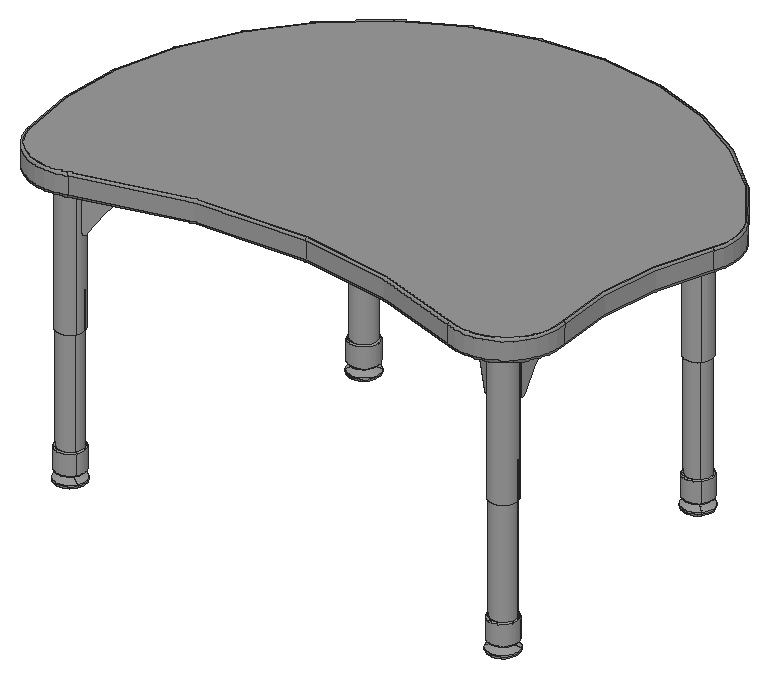
Revit family "Hierarchy Sail Desk - Youth Height", category Furniture, Revit 2018
Family settings
  Work Plane-Based = No
  Always vertical = Yes
  Cut with Voids When Loaded = No
  Shared = No
  Room Calculation Point = No
Parameters
  Desk Height = 1' - 4"
  Surface = Hierarchy Sail Desk Youth Surface
  Leg Finish = Hierarchy Leg Platinum
  Edgeband = Hierarchy Sail Desk Youth Edgeband
  Caster/Glide = Hierarchy Youth Leg - Glide : Hierarchy Youth Leg - Glide
Reference planes (in)
  plane 1 "Center (Front/Back)": y = 0
  plane 2: z = 0
  plane 3 "Center (Left/Right)": x = 0
  plane 4 "Table Height": z = 16
Dimensions and locks (in)
  "Desk Height": plane 4 "Table Height" to level
  aligned and locked: plane 2 to level
  aligned and locked: nested 1 to plane 4 "Table Height"
Nested families (in)
  nested 1: "Sail Tabletop" at (0, 0, -10.78998), type "Sail Tabletop"
  nested 2: "Hierarchy Youth Leg - Glide" at (-9.81865, 6.47407, 0) x (0.766, 0.6428, 0) z (0, 0, 1), type <- "Caster/Glide", Leg Finish <- "Leg Finish", Leg Height <- "Desk Height", type "Hierarchy Youth Leg - Glide"
    with Leg Height 1' - 4", Leg Finish Hierarchy Leg Platinum
  nested 3: "Hierarchy Youth Leg - Glide" at (-13.96759, -9.46098, 0) x (-0.8853, 0.4649, 0) z (0, 0, 1), type <- "Caster/Glide", Leg Finish <- "Leg Finish", Leg Height <- "Desk Height", type "Hierarchy Youth Leg - Glide"
    with Leg Height 1' - 4", Leg Finish Hierarchy Leg Platinum
  nested 4: "Hierarchy Youth Leg - Glide" at (10.96749, -9.49081, 0) x (-0.8761, -0.4821, 0) z (0, 0, 1), Leg Finish <- "Leg Finish", Leg Height <- "Desk Height", type "Hierarchy Youth Leg - Glide"
    with Leg Height 1' - 4", Leg Finish Hierarchy Leg Platinum
  nested 5: "Hierarchy Youth Leg - Glide" at (9.6294, 6.20876, 0) x (0.766, -0.6428, 0) z (0, 0, 1), Leg Finish <- "Leg Finish", Leg Height <- "Desk Height", type "Hierarchy Youth Leg - Glide"
    with Leg Height 1' - 4", Leg Finish Hierarchy Leg Platinum
Definition of nested family "Sail Tabletop"
  Parameters (values of type "Sail Tabletop")
    Surface = none
    Edgeband = none
  Reference planes (in)
    plane 1 "Center (Front/Back)": y = 0
    plane 2: z = 0
    plane 3 "Center (Left/Right)": x = 0
  Forms (in)
    Extrusion 1, solid, material <- "Surface"
      sketch origin (-2.11598, 6.87, 0) x (1, 0, 0) y (0, 1, 0)
        loop
          arc (16.29679, -2.95523) -> (-4.66789, 3.3463) -> (-14.22095, -16.35055) r 16.87857
          arc (-14.22095, -16.35055) -> (-12.73925, -18.19375) -> (-10.37732, -18.3126) r 2.88882
          arc (-10.37732, -18.3126) -> (-4.41048, -16.66524) -> (1.76642, -16.26157) r 30.37867
          arc (1.76642, -16.26157) -> (6.78411, -16.86997) -> (11.62983, -18.30748) r 30.17111
          arc (11.62983, -18.30748) -> (14.50724, -17.85169) -> (15.5199, -15.12007) r 2.88463
          arc (15.5199, -15.12007) -> (15.35803, -10.29618) -> (16.54292, -5.61728) r 17.19841
          arc (16.54292, -5.61728) -> (16.74629, -4.25608) -> (16.29679, -2.95523) r 2.88908
      from 26.78998 to 28.03998
    Sweep 2, solid, material <- "Edgeband"
      path origin (-2.11598, 6.87, 0) x (1, 0, 0) y (0, 1, 0)
        loop
          arc (15.5199, -15.12007) -> (15.35803, -10.29618) -> (16.54292, -5.61728) r 17.19841
          arc (16.54292, -5.61728) -> (16.74629, -4.25608) -> (16.29679, -2.95523) r 2.88908
          arc (16.29679, -2.95523) -> (-4.66789, 3.3463) -> (-14.22095, -16.35055) r 16.87857
          arc (-14.22095, -16.35055) -> (-12.73925, -18.19375) -> (-10.37732, -18.3126) r 2.88882
          arc (-10.37732, -18.3126) -> (-4.41048, -16.66524) -> (1.76642, -16.26157) r 30.37867
          arc (1.76642, -16.26157) -> (6.78411, -16.86997) -> (11.62983, -18.30748) r 30.17111
          arc (11.62983, -18.30748) -> (14.50724, -17.85169) -> (15.5199, -15.12007) r 2.88463
      profile origin (13.24205, -3.42619, 0) x (-0.994255, 0.107036, 0) y (0, 0, 1)
        loop
          arc (0, 28.03998) -> (-0.09391, 28.00108) -> (-0.13281, 27.90716) r 0.13281
          line (-0.13281, 27.90716) -> (-0.13281, 26.92279)
          arc (-0.13281, 26.92279) -> (-0.09391, 26.82888) -> (0, 26.78998) r 0.13281
          line (0, 26.78998) -> (0, 28.03998)
  Dimensions and locks (in)
    aligned and locked: plane 2 to level
Definition of nested family "Hierarchy Youth Leg - Glide"
  Parameters (values of type "Hierarchy Youth Leg - Glide")
    Leg Finish [instance] = none
    Leg Height [instance] = 1' - 4.80117"
  Reference planes (in)
    plane 1 "Center (Front/Back)": y = 0
    plane 2: z = 0
    plane 3 "Center (Left/Right)": x = 0
  Forms (in)
    Extrusion 1, solid
      sketch origin (-0.01562, 0, 0) x (1, 0, 0) y (0, 1, 0)
        loop
          circle (0.01563, 0) r 0.67016
      from 0.67618 to 10.55018
    Revolve 2, solid
      sketch origin (0, 0, 0) x (1, 0, 0) y (0, 0, 1)
        loop
          line (-0.73189, 1.80118) -> (-0.79439, 1.73867) -> (-0.79439, 0.61381) -> (-0.73176, 0.55118) -> (-0.125, 0.55118) -> (-0.125, 0.42618) -> (-0.84656, 0.16241) -> (-0.84656, 0.08994) -> (-0.81359, 0) -> (0, 0) -> (0, 1.80118) -> (-0.73189, 1.80118)
        axis (0, 1.80118) -> (0, 0)
      angle from 0 to 360
  Dimensions and locks (in)
    "Leg Height": nested 1 to level  (x2)
    aligned and locked: plane 2 to level
  Automatic sketch dimensions
    plane 1 "Center (Front/Back)" to Extrusion 1 sketch curve = 0' - 0"
    Extrusion 1 sketch curve to plane 3 "Center (Left/Right)" = 0' - 0"
    Revolve 2 sketch curve to level = 0' - 0"
    Revolve 2 sketch curve to plane 3 "Center (Left/Right)" = 0' - 0"  (x2)
    Revolve 2 sketch curve to plane 3 "Center (Left/Right)" = 0' - 0 1/8"
    Revolve 2 sketch curve to Revolve 2 sketch curve = 0' - 0.60676"
    Revolve 2 sketch curve to Revolve 2 sketch curve = 0' - 0.73189"
    Revolve 2 sketch curve to Revolve 2 sketch curve = 0' - 0.06263"  (x2)
    Revolve 2 sketch curve to Revolve 2 sketch curve = 0' - 0.08183"
    Revolve 2 sketch curve to Revolve 2 sketch curve = 0' - 0.03297"
    level to Revolve 2 sketch curve = 0' - 0.08994"
    Revolve 2 sketch curve to Revolve 2 sketch curve = 0' - 0.07247"
    level to Revolve 2 sketch curve = 0' - 0.42618"
    Revolve 2 sketch curve to Revolve 2 sketch curve = 0' - 0 1/8"
    Revolve 2 sketch curve to Revolve 2 sketch curve = 0' - 1.12486"
    Revolve 2 sketch curve to Revolve 2 sketch curve = 0' - 0 1/16"
    Revolve 2 sketch curve to level = 2' - 0"
    Revolve 2 sketch curve to Revolve 2 sketch curve = 8' - 4.91764"
    radius of Extrusion 1 sketch curve = 0' - 0.67016"
  Nested families (in)
    nested 1: "Hierarchy Youth Upper Leg 2023" at (0, 0, 0), Leg Finish <- "Leg Finish", type "Hierarchy Youth Upper Leg 2023"
      with Leg Finish none
  Definition of nested family "Hierarchy Youth Upper Leg 2023"
    Parameters (values of type "Hierarchy Youth Upper Leg 2023")
      Leg Finish [instance] = none
    Reference planes (in)
      plane 1 "Center (Front/Back)": y = 0
      plane 2: z = 0
      plane 3 "Center (Left/Right)": x = 0
    Forms (in)
      Extrusion 1, solid, material <- "Leg Finish"
        sketch origin (0, 0, -11.001) x (1, 0, 0) y (0, 1, 0)
          loop
            circle (0, 0) r 0.75
        from 19.67618 to 27.67618
      Extrusion 2, solid, material <- "Leg Finish"
        sketch origin (0, 0, -11.001) x (1, 0, 0) y (0, 1, 0)
          loop
            line (-1.70174, 0.19183) -> (-2.88626, -2.26116)
            arc (-2.88626, -2.26116) -> (-2.83993, -3.09822) -> (-2.1063, -3.50394) r 0.86614
            line (-2.1063, -3.50394) -> (2.1063, -3.50394)
            arc (2.1063, -3.50394) -> (2.83993, -3.09822) -> (2.88626, -2.26116) r 0.86614
            line (2.88626, -2.26116) -> (1.70174, 0.19183)
            arc (1.70174, 0.19183) -> (0, 1.25984) -> (-1.70174, 0.19183) r 1.88976
        from 27.67618 to 27.80217
      Extrusion 3, solid, material <- "Leg Finish"
        sketch origin (-1.48519, 8.66524, -11.001) x (-0.434844, 0.900506, 0) y (0, 0, 1)
          loop
            line (-9.01425, 27.67618) -> (-11.80952, 27.67618)
            arc (-11.80952, 27.67618) -> (-11.92325, 27.58993) -> (-11.87088, 27.45715) r 0.11811
            arc (-11.87088, 27.45715) -> (-10.39364, 26.29679) -> (-9.23328, 24.81955) r 7.87402
            arc (-9.23328, 24.81955) -> (-9.1005, 24.76717) -> (-9.01425, 24.88091) r 0.11811
            line (-9.01425, 24.88091) -> (-9.01425, 27.67618)
        from -1.94075 to -1.81476
      Extrusion 4, solid, material <- "Leg Finish"
        sketch origin (1.48519, 8.66524, -11.001) x (0.434844, 0.900506, 0) y (0, 0, -1)
          loop
            line (-9.01425, -27.67618) -> (-9.01425, -24.88091)
            arc (-9.01425, -24.88091) -> (-9.1005, -24.76717) -> (-9.23328, -24.81955) r 0.11811
            arc (-9.23328, -24.81955) -> (-10.39364, -26.29679) -> (-11.87088, -27.45715) r 7.87402
            arc (-11.87088, -27.45715) -> (-11.92325, -27.58993) -> (-11.80952, -27.67618) r 0.11811
            line (-11.80952, -27.67618) -> (-9.01425, -27.67618)
        from -1.94075 to -1.81476
    Dimensions and locks (in)
      aligned and locked: plane 2 to level
